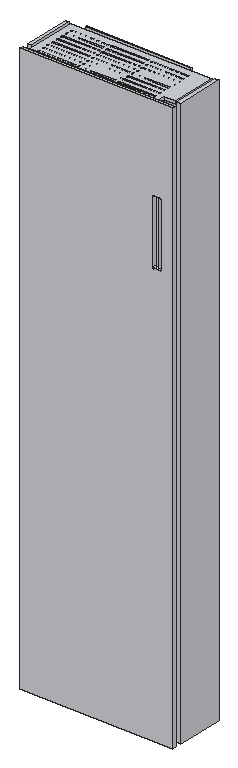
Revit family "57_CRD_ME_Ventura_V1X", category Mechanical Equipment, Revit 2020 (continued)
Definition of nested family "57_CRD_AT_aansluiting_muurrooster_flex"
  Definition of nested family "Rectangular Grille"
    Forms (mm)
      Extrusion 7, solid, material <- "materiaal", detail levels fine
        sketch origin (0, 120.385, -0.738) x (0, 1, 0) y (0, 0, -1)
          loop
            line (-119.375, -17.238) -> (-119.375, -23.427) -> (-88.885, -23.161) -> (-88.885, 21.684) -> (-119.375, 21.951) -> (-119.375, 15.762) -> (-106.375, 12.278) -> (-106.375, 10.245) -> (-119.375, 6.762) -> (-119.375, 3.762) -> (-106.375, 0.278) -> (-106.375, -1.755) -> (-119.375, -5.238) -> (-119.375, -8.238) -> (-106.375, -11.722) -> (-106.375, -13.755) -> (-119.375, -17.238)
        from -30.489 to -29.481
      Extrusion 8, solid, material <- "materiaal", detail levels fine
        sketch origin (0, 0, 0) x (1, 0, 0) y (0, 0, 1)
          loop
            line (-104, 25.5) -> (-104, -25.5) -> (104, -25.5) -> (104, 25.5) -> (-104, 25.5)
          loop
            line (-103, 24.5) -> (-103, -24.5) -> (103, -24.5) -> (103, 24.5) -> (-103, 24.5)
        from 0 to -30.5
      SweptBlend 9, solid, material <- "materiaal", detail levels fine
        path in 3D
          loop
            line (0, 50, 0) -> (0, 30.5, 0)
        profile origin (0, 50, 0) x (1, 0, 0) y (0, 0, 1)
          loop
            arc (-32.665, 29.479) -> (-43.863, -3.472) -> (-27.619, -34.252) r 44
            arc (-27.619, -34.252) -> (-3.022, -43.896) -> (22.666, -37.713) r 44
            arc (22.666, -37.713) -> (43.292, -7.859) -> (34.475, 27.34) r 44
            arc (34.475, 27.34) -> (1.401, 43.978) -> (-32.665, 29.479) r 44
        end profile origin (0, 30.5, 0) x (1, 0, 0) y (0, 0, 1)
          loop
            line (-104, 25.5) -> (-104, -25.5) -> (104, -25.5) -> (104, 25.5) -> (-104, 25.5)
      Extrusion 10, solid, detail levels coarse+medium
        sketch origin (0, 0, 0) x (1, 0, 0) y (0, 0, 1)
          loop
            circle (0, 0) r 46.019
        from -90 to -50
      Extrusion 11, solid, detail levels coarse+medium
        sketch origin (0, 0, 0) x (1, 0, 0) y (0, 1, 0)
          loop
            line (-105, -7.5) -> (105, -7.5) -> (105, 30.18) -> (44, 50) -> (-44, 50) -> (-105, 30.18) -> (-105, -7.5)
        from -26.5 to 26.5
    Cuts and joins
      Extrusion 5 cuts Revolve 1
      Extrusion 5 cuts Extrusion 4
    Lines and regions (mm)
      sketch lines
        curve 1: line (0, 50, 0) -> (0, 30.5, 0)
    Dimensions and locks
      plane 1 "Center (Front/Back)" to plane 4 = 90 mm
      Extrusion 11 sketch curve to plane 1 "Center (Front/Back)" = 7.5 mm
      Extrusion 11 sketch curve to plane 3 "Center (Left/Right)" to Extrusion 11 sketch curve = 105 mm, 105 mm
      diameter of Extrusion 10 sketch curve = 92.038 mm
      aligned and locked: level to plane 2
      aligned and locked: Sweep 2 to Extrusion 5  (x2)
      aligned and locked: plane 4 to Extrusion 10
      aligned and locked: Extrusion 11 to Sweep 2  (x2)
  Definition of nested family "Square Grille"
    Parameters (values of type "Square Grille")
      Width = 127 mm
      Wholesaler Art. No. = ""
      Wholesaler = ""
      materiaal [instance] = none
      Watermarked By = "www.stabiplan.com"
      URL = "www.stabiplan.com"
      Type Comments = "﻿﻿  ​                        ﻿﻿       ​      ﻿      ﻿                  ﻿                         ﻿​  ​ ﻿      ​   ﻿﻿"
      Stabu Code = ""
      Revit Version = "2014"  # constant formula
      Product Line = "ClimaRad"
      Model = "127x127"
      Manufacturer URL = "www.climarad.com"
      Manufacturer Art. No. = "3511203"
      Manufacturer = "ClimaRad"
      MEPcontent Class = "GRILLE"  # constant formula
      Keynote = "﻿﻿  ​                        ﻿﻿       ​      ﻿      ﻿                  ﻿                         ﻿​  ​ ﻿      ​   ﻿﻿"
      Internal Art. No. = ""
      IFCExportType = "GRILLE"  # constant formula
      IFCExportAs = "IfcAirTerminalType"  # constant formula
      Height = 127 mm
      GTIN = ""
      Function Code [instance] = ""
      Family Version = "10.04"  # constant formula
      ETIM Article Class = "EC001297"
      EMCS Version = "2.0"  # constant formula
      Description = "Aluminium set up grid"
      Depth = 14 mm
      Default Elevation = 1219.2 mm
      Custom = no
      Copyright = "© Stabiplan International BV"  # constant formula
      Content Supplier URL = "www.mepcontent.eu"
      CB-NL Class = ""
      Assembly Code = ""
      Article Type = "127x127"
      Article Description = "Aluminium set up grid"
    Reference planes
      plane 1 "Center (Front/Back)": y = 0
      plane 2: z = 0
      plane 3 "Center (Left/Right)": x = 0
    Forms (mm)
      Revolve 1, solid, material <- "materiaal", detail levels fine
        sketch origin (0, 0, 0) x (0, 1, 0) y (0, 0, 1)
          loop
            arc (39.018, 42.11) -> (39.963, 43.055) -> (39.018, 44) r 0.945
            line (39.018, 44) -> (38.22, 44)
            arc (38.22, 44) -> (37.144, 44.34) -> (36.461, 45.238) r 1.868
            line (36.461, 45.238) -> (36.176, 46.035)
            arc (36.176, 46.035) -> (35.58, 46.509) -> (34.985, 46.035) r 0.611
            line (34.985, 46.035) -> (34.985, 44.473)
            arc (34.985, 44.473) -> (34.391, 43.99) -> (33.796, 44.473) r 0.607
            line (33.796, 44.473) -> (33.796, 46.019)
            arc (33.796, 46.019) -> (33.188, 46.501) -> (32.58, 46.019) r 0.625
            line (32.58, 46.019) -> (32.287, 45.206)
            arc (32.287, 45.206) -> (31.587, 44.307) -> (30.491, 43.995) r 1.834
            line (30.491, 43.995) -> (29.298, 43.995)
            arc (29.298, 43.995) -> (28.157, 44.349) -> (27.417, 45.286) r 2.015
            line (27.417, 45.286) -> (27.157, 46.035)
            arc (27.157, 46.035) -> (26.562, 46.509) -> (25.966, 46.035) r 0.611
            line (25.966, 46.035) -> (25.966, 44.473)
            arc (25.966, 44.473) -> (25.372, 43.99) -> (24.777, 44.473) r 0.607
            line (24.777, 44.473) -> (24.777, 46.019)
            arc (24.777, 46.019) -> (24.169, 46.501) -> (23.561, 46.019) r 0.625
            line (23.561, 46.019) -> (23.268, 45.206)
            arc (23.268, 45.206) -> (22.536, 44.329) -> (21.442, 44) r 1.985
            line (21.442, 44) -> (20.411, 44)
            arc (20.411, 44) -> (19.937, 44.038) -> (19.476, 44.149) r 3.01
            line (19.476, 44.149) -> (1.763, 49.941)
            arc (1.763, 49.941) -> (0.593, 50.723) -> (0, 52) r 2.607
            line (0, 52) -> (0, 48.544) -> (17.33, 42.775)
            arc (17.33, 42.775) -> (19.355, 42.277) -> (21.434, 42.11) r 12.994
            line (21.434, 42.11) -> (39.018, 42.11)
          axis (39.018, 0) -> (0, 0)
        angle from 0 to 360
      Sweep 2, solid, material <- "materiaal", detail levels fine
        path origin (0, 0, 0) x (1, 0, 0) y (0, 0, 1)
          loop
            arc (-53.079, -51.114) -> (-52.503, -52.503) -> (-51.114, -53.079) r 1.965
            line (-51.114, -53.079) -> (51.075, -53.079)
            arc (51.075, -53.079) -> (52.492, -52.492) -> (53.079, -51.075) r 2.004
            line (53.079, -51.075) -> (53.079, 51.126)
            arc (53.079, 51.126) -> (52.507, 52.507) -> (51.126, 53.079) r 1.953
            line (51.126, 53.079) -> (-51.079, 53.079)
            arc (-51.079, 53.079) -> (-52.493, 52.493) -> (-53.079, 51.079) r 2
            line (-53.079, 51.079) -> (-53.079, -51.114)
        profile origin (-53.079, 0, -0.018) x (-1, 0, 0) y (0, -1, 0)
          loop
            line (9.386, 0) -> (10.421, 0) -> (7.067, 12.518)
            arc (7.067, 12.518) -> (6.353, 13.587) -> (5.135, 14) r 2
            line (5.135, 14) -> (3.864, 14)
            arc (3.864, 14) -> (2.455, 13.438) -> (1.82, 12.06) r 2.048
            line (1.82, 12.06) -> (1.498, 5.921)
            arc (1.498, 5.921) -> (1.033, 4.912) -> (0, 4.5) r 1.5
            line (0, 4.5) -> (0, 3.5)
            arc (0, 3.5) -> (1.721, 4.187) -> (2.497, 5.869) r 2.5
            line (2.497, 5.869) -> (2.821, 12.065)
            arc (2.821, 12.065) -> (3.095, 12.726) -> (3.757, 13) r 0.935
            line (3.757, 13) -> (5.135, 13)
            arc (5.135, 13) -> (5.744, 12.793) -> (6.101, 12.259) r 1
            line (6.101, 12.259) -> (9.386, 0)
      Extrusion 3, solid, material <- "materiaal", detail levels fine
        sketch origin (0, 0, 0) x (0, 1, 0) y (0, 0, 1)
          loop
            line (-4.5, 53.079) -> (-4.5, 50.079)
            arc (-4.5, 50.079) -> (-4.657, 49.541) -> (-5.077, 49.172) r 1
            line (-5.077, 49.172) -> (-9.609, 47.059)
            arc (-9.609, 47.059) -> (-11.811, 45.657) -> (-13.574, 43.732) r 10
            line (-13.574, 43.732) -> (-12.755, 43.158)
            arc (-12.755, 43.158) -> (-11.168, 44.891) -> (-9.186, 46.153) r 9
            line (-9.186, 46.153) -> (-4.655, 48.266)
            arc (-4.655, 48.266) -> (-3.858, 48.933) -> (-3.5, 49.908) r 2.015
            line (-3.5, 49.908) -> (-3.5, 53.079) -> (-4.5, 53.079)
          loop
            line (-4.5, 38.479) -> (-4.5, 35.479)
            arc (-4.5, 35.479) -> (-4.657, 34.941) -> (-5.077, 34.572) r 1
            line (-5.077, 34.572) -> (-9.609, 32.459)
            arc (-9.609, 32.459) -> (-11.811, 31.057) -> (-13.574, 29.132) r 10
            line (-13.574, 29.132) -> (-12.755, 28.558)
            arc (-12.755, 28.558) -> (-11.168, 30.291) -> (-9.186, 31.553) r 9
            line (-9.186, 31.553) -> (-4.655, 33.666)
            arc (-4.655, 33.666) -> (-3.858, 34.333) -> (-3.5, 35.308) r 2.015
            line (-3.5, 35.308) -> (-3.5, 38.479) -> (-4.5, 38.479)
          loop
            line (-4.5, 23.879) -> (-4.5, 20.879)
            arc (-4.5, 20.879) -> (-4.657, 20.341) -> (-5.077, 19.972) r 1
            line (-5.077, 19.972) -> (-9.609, 17.859)
            arc (-9.609, 17.859) -> (-11.811, 16.457) -> (-13.574, 14.532) r 10
            line (-13.574, 14.532) -> (-12.755, 13.958)
            arc (-12.755, 13.958) -> (-11.168, 15.691) -> (-9.186, 16.953) r 9
            line (-9.186, 16.953) -> (-4.655, 19.066)
            arc (-4.655, 19.066) -> (-3.858, 19.733) -> (-3.5, 20.708) r 2.015
            line (-3.5, 20.708) -> (-3.5, 23.879) -> (-4.5, 23.879)
          loop
            line (-4.5, 9.279) -> (-4.5, 6.279)
            arc (-4.5, 6.279) -> (-4.657, 5.741) -> (-5.077, 5.372) r 1
            line (-5.077, 5.372) -> (-9.609, 3.259)
            arc (-9.609, 3.259) -> (-11.811, 1.857) -> (-13.574, -0.068) r 10
            line (-13.574, -0.068) -> (-12.755, -0.642)
            arc (-12.755, -0.642) -> (-11.168, 1.091) -> (-9.186, 2.353) r 9
            line (-9.186, 2.353) -> (-4.655, 4.466)
            arc (-4.655, 4.466) -> (-3.858, 5.133) -> (-3.5, 6.108) r 2.015
            line (-3.5, 6.108) -> (-3.5, 9.279) -> (-4.5, 9.279)
          loop
            line (-4.5, -5.321) -> (-4.5, -8.321)
            arc (-4.5, -8.321) -> (-4.657, -8.859) -> (-5.077, -9.228) r 1
            line (-5.077, -9.228) -> (-9.609, -11.341)
            arc (-9.609, -11.341) -> (-11.811, -12.743) -> (-13.574, -14.668) r 10
            line (-13.574, -14.668) -> (-12.755, -15.242)
            arc (-12.755, -15.242) -> (-11.168, -13.509) -> (-9.186, -12.247) r 9
            line (-9.186, -12.247) -> (-4.655, -10.134)
            arc (-4.655, -10.134) -> (-3.858, -9.467) -> (-3.5, -8.492) r 2.015
            line (-3.5, -8.492) -> (-3.5, -5.321) -> (-4.5, -5.321)
          loop
            line (-4.5, -19.921) -> (-4.5, -22.921)
            arc (-4.5, -22.921) -> (-4.657, -23.459) -> (-5.077, -23.828) r 1
            line (-5.077, -23.828) -> (-9.609, -25.941)
            arc (-9.609, -25.941) -> (-11.811, -27.343) -> (-13.574, -29.268) r 10
            line (-13.574, -29.268) -> (-12.755, -29.842)
            arc (-12.755, -29.842) -> (-11.168, -28.109) -> (-9.186, -26.847) r 9
            line (-9.186, -26.847) -> (-4.655, -24.734)
            arc (-4.655, -24.734) -> (-3.858, -24.067) -> (-3.5, -23.092) r 2.015
            line (-3.5, -23.092) -> (-3.5, -19.921) -> (-4.5, -19.921)
          loop
            line (-4.5, -34.521) -> (-4.5, -37.521)
            arc (-4.5, -37.521) -> (-4.657, -38.059) -> (-5.077, -38.428) r 1
            line (-5.077, -38.428) -> (-9.609, -40.541)
            arc (-9.609, -40.541) -> (-11.811, -41.943) -> (-13.574, -43.868) r 10
            line (-13.574, -43.868) -> (-12.755, -44.442)
            arc (-12.755, -44.442) -> (-11.168, -42.709) -> (-9.186, -41.447) r 9
            line (-9.186, -41.447) -> (-4.655, -39.334)
            arc (-4.655, -39.334) -> (-3.858, -38.667) -> (-3.5, -37.692) r 2.015
            line (-3.5, -37.692) -> (-3.5, -34.521) -> (-4.5, -34.521)
          loop
            line (-3.5, -53.079) -> (-3.5, -49.579) -> (-4.5, -49.579) -> (-4.5, -53.079) -> (-3.5, -53.079)
        from -53.079 to 53.079
      Extrusion 4, solid, material <- "materiaal", detail levels fine
        sketch origin (0, 0, 0) x (1, 0, 0) y (0, 0, 1)
          loop
            arc (-51.286, 58.331) -> (-56.267, 56.267) -> (-58.331, 51.286) r 7.045
            line (-58.331, 51.286) -> (-58.331, -51.302)
            arc (-58.331, -51.302) -> (-56.272, -56.272) -> (-51.302, -58.331) r 7.028
            line (-51.302, -58.331) -> (51.286, -58.331)
            arc (51.286, -58.331) -> (56.267, -56.267) -> (58.331, -51.286) r 7.044
            line (58.331, -51.286) -> (58.331, 51.292)
            arc (58.331, 51.292) -> (56.269, 56.269) -> (51.292, 58.331) r 7.039
            line (51.292, 58.331) -> (-51.286, 58.331)
          loop
            circle (0, 0) r 45
        from 0 to 1
      Extrusion 5, solid, material <- "materiaal", detail levels fine
        sketch origin (0, 0, 0) x (1, 0, 0) y (0, 0, 1)
          loop
            line (51.292, 58.331) -> (-51.286, 58.331)
            arc (-51.286, 58.331) -> (-56.267, 56.267) -> (-58.331, 51.286) r 7.045
            line (-58.331, 51.286) -> (-58.331, -51.302)
            arc (-58.331, -51.302) -> (-56.272, -56.272) -> (-51.302, -58.331) r 7.028
            line (-51.302, -58.331) -> (51.286, -58.331)
            arc (51.286, -58.331) -> (56.267, -56.267) -> (58.331, -51.286) r 7.044
            line (58.331, -51.286) -> (58.331, 51.292)
            arc (58.331, 51.292) -> (56.269, 56.269) -> (51.292, 58.331) r 7.039
          loop
            line (-56.331, 51.286) -> (-56.331, -51.302)
            arc (-56.331, -51.302) -> (-54.858, -54.858) -> (-51.302, -56.331) r 5.028
            line (-51.302, -56.331) -> (51.286, -56.331)
            arc (51.286, -56.331) -> (54.853, -54.853) -> (56.331, -51.286) r 5.044
            line (56.331, -51.286) -> (56.331, 51.292)
            arc (56.331, 51.292) -> (54.855, 54.855) -> (51.292, 56.331) r 5.039
            line (51.292, 56.331) -> (-51.286, 56.331)
            arc (-51.286, 56.331) -> (-54.853, 54.853) -> (-56.331, 51.286) r 5.045
        from 0 to 10
      Extrusion 6, void
        sketch origin (0, 0, 0) x (1, 0, 0) y (0, 0, 1)
          loop
            arc (-50.552, 47.697) -> (-50.552, 44.182) -> (-47.037, 44.182) r 2.486
            line (-47.037, 44.182) -> (-44.201, 47.018)
            arc (-44.201, 47.018) -> (-44.201, 50.534) -> (-47.716, 50.534) r 2.486
            line (-47.716, 50.534) -> (-50.552, 47.697)
          loop
            line (50.552, 47.697) -> (47.716, 50.534)
            arc (47.716, 50.534) -> (44.201, 50.534) -> (44.201, 47.018) r 2.486
            line (44.201, 47.018) -> (47.037, 44.182)
            arc (47.037, 44.182) -> (50.552, 44.182) -> (50.552, 47.697) r 2.486
          loop
            line (-50.552, -47.697) -> (-47.716, -50.534)
            arc (-47.716, -50.534) -> (-44.201, -50.534) -> (-44.201, -47.018) r 2.486
            line (-44.201, -47.018) -> (-47.037, -44.182)
            arc (-47.037, -44.182) -> (-50.552, -44.182) -> (-50.552, -47.697) r 2.486
          loop
            arc (50.552, -47.697) -> (50.552, -44.182) -> (47.037, -44.182) r 2.486
            line (47.037, -44.182) -> (44.201, -47.018)
            arc (44.201, -47.018) -> (44.201, -50.534) -> (47.716, -50.534) r 2.486
            line (47.716, -50.534) -> (50.552, -47.697)
        from 0 to 3.5
      Extrusion 7, solid, detail levels coarse+medium
        sketch origin (0, 0, 0) x (1, 0, 0) y (0, 0, 1)
          loop
            circle (0, 0) r 46.5
        from -40 to 0
      Extrusion 8, solid, detail levels coarse+medium
        sketch origin (0, 0, 0) x (1, 0, 0) y (0, 0, 1)
          loop
            line (-63.5, 63.5) -> (-63.5, -63.5) -> (63.5, -63.5) -> (63.5, 63.5) -> (-63.5, 63.5)
        from 0 to 14
    Cuts and joins
      Extrusion 6 cuts Revolve 1
      Extrusion 6 cuts Extrusion 4
      Extrusion 6 cuts Extrusion 5
      joined: Revolve 1, Extrusion 4, Extrusion 5
      Extrusion 6 cuts Extrusion 3
    Dimensions and locks
      plane 1 "Center (Front/Back)" to Extrusion 7 = 40 mm
      Extrusion 8 sketch curve to plane 3 "Center (Left/Right)" to Extrusion 8 sketch curve = 63.5 mm, 63.5 mm
      Extrusion 8 sketch curve to plane 2 to Extrusion 8 sketch curve = 63.5 mm, 63.5 mm
      Extrusion 8 to plane 1 "Center (Front/Back)" = 14 mm
      diameter of Extrusion 7 sketch curve = 93 mm
      aligned and locked: level to plane 2
      aligned and locked: Sweep 2 sketch curve to plane 1 "Center (Front/Back)"
      aligned and locked: Sweep 2 sketch curve to profile plane
      aligned and locked: Extrusion 4 to plane 1 "Center (Front/Back)"
      aligned and locked: plane 1 "Center (Front/Back)" to Extrusion 7
      aligned and locked: Extrusion 8 to plane 1 "Center (Front/Back)"
